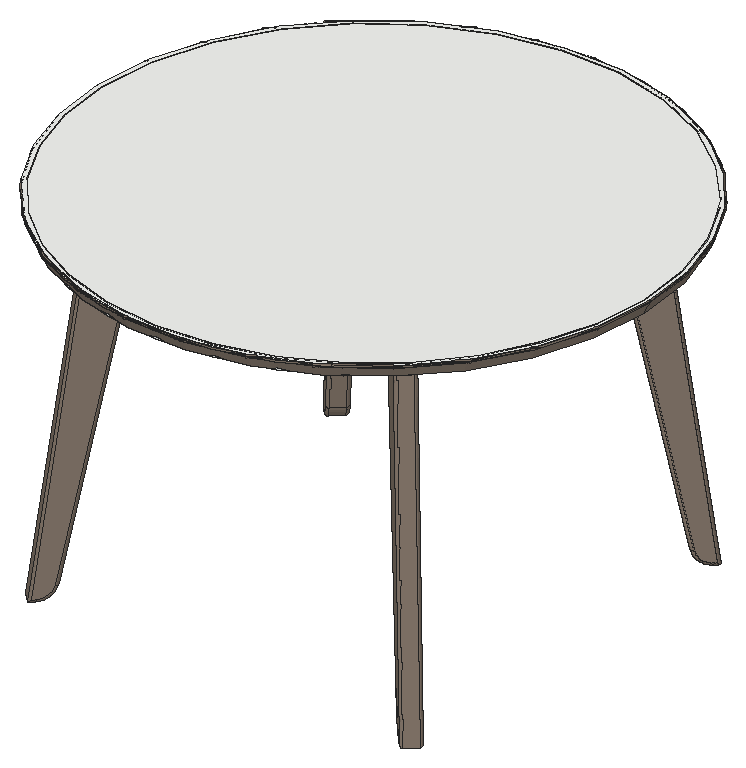
Revit family "Table-Casual-Naughtone-Dalby_Circular", category Furniture, Revit 2015
Parameters (values of type "1200mmx1200mmx750mm")
  _distributed by = "www.bimbox.co.uk"  # constant formula
  _current revision = "1"
  _created by = "BIMBox"  # constant formula
  _author = "BIMBox"  # constant formula
  _BIMspec_GUID = 0
  WarrantyStartDate [instance] = "<User Defined>"
  WarrantyGuarantorParts = "sales@naughtone.com"
  WarrantyGuarantorLabor = "sales@naughtone.com"
  WarrantyDurationUnit = "Years"
  WarrantyDurationParts = "5"
  WarrantyDurationLabor = "5"
  WarrantyDescription = "5 year warranty"
  Version = "1"
  Uniclass2015 = "40.50.21.22"
  URL = "http://www.naughtone.com/"
  TypeName = "Table-Casual-Naughtone-Dalby_Circular"
  Type Comments = "1200x1200x750"
  TopRadius [instance] = ((NominalWidth / 2) - (EdgeOffset))  # 590 mm
  TagNumber = "0.000000"
  SustainabilityPerformance = "89.64% reusable content"
  Size = "1200mmx1200mmx750mm"
  Shape = "Circular"
  SerialNumber = "0.000000"
  ReplacementCost = "0.00"
  ProductInformation = "http://www.naughtone.com/wp-content/uploads/2015/05/Dalby-Brochure-FISP-2015.pdf?49171d"
  Product URL = "http://www.naughtone.com/portfolio-view/dalby"
  Option [instance] = if(HasReverseChamfer, "MFMDF with reverse chamfer", if(HasBandEdge, "MFMDF edge banded", "n/a"))  # "MFMDF with reverse chamfer"
  NominalWidth = 1200 mm
  NominalLength = 1200 mm
  NominalHeight = 750 mm  # constant formula
  Name = "1200mmx1200mmx750mm, Dalby Circular Table"
  NBSReference = "40.50.21.22"
  NBSDescription = "n/a"
  Mtrl_Top [instance] = Laminate-White-Smooth
  Mtrl_Frame [instance] = Wood-Oak-Satin_Frame
  Mtrl_EdgeTop [instance] = Wood-Oak-Matte_Top
  ModelReference = "Dalby Circular Table"
  ModelNumber = "DAL-1200-DIA"
  Model = "DAL-1200-DIA"
  Material = "MFMDF Top; Solid Oak Legs"
  ManufacturerAddressUK = "201 Pannal Business Park, Station Road, Harrogate, HG3 1JL"  # constant formula
  Manufacturer = "Naughtone"  # constant formula
  Keynote = "40.50.21.22"
  InstallationDate [instance] = "<User Defined>"
  HasReverseChamfer [instance] = yes
  HasBandEdge [instance] = not(HasReverseChamfer)  # no
  Grade = "n/a"
  Finish = "Polyster powder coat; various top finishes available"
  Features = "n/a"
  ExpectedLife = "15-20"
  EdgeOffset [instance] = if(HasReverseChamfer, 10 mm, 5 mm)  # 10 mm
  DurationUnit = "Years"
  Description = "Dalby Circular Table"
  CreatedOn = "2015.07.15"
  CreatedBy = "Naughtone"  # constant formula
  Cost = 0
  ContactTelephoneNumber = "+44 (0) 1423 816500"
  ContactEmailAddress = "sales@naughtone.com"
  Constituents = "Wood Top; Solid Oak frame"
  ComponentDescription = "The Dalby table will inject warmth and quality into an interior without raising any eyebrows. Dalby provides a practical, robust surface and maximised leg positions for clear, useable access all round the table."
  Color = "White"
  CodePerformance = "FISP Certified; ISO14001 Certified"
  Category = "40.50.21.22 : Dining Tables"
  BarCode = "0.000000"
  BIMObjectName = "Table-Casual-Naughtone-Dalby_Circular"
  AssetType = "Movable"
  AssetIdentifier = "DAL-1200-DIA"
  Assembly Code = "E2020"
  AdditionalMaterials = "Additional material and finish options available. Please contact Naughtone direct for further information."
  AccessibilityPerformance = "n/a"
Types (4, lengths in mm): name | Type Comments | TopRadius | Size | NominalWidth | NominalLength | Name | ModelNumber | Model | AssetIdentifier
  (no name) | "1200x1200x750" | 590 | "1200mmx1200mmx750mm" | 1200 | 1200 | "1200mmx1200mmx750mm, Dalby Circular Table" | "DAL-1200-DIA" | "DAL-1200-DIA" | "DAL-1200-DIA"
  1600mmx1600mmx750mm | "1600x1600x750" | 790 | "1600mmx1600mmx750mm" | 1600 | 1600 | "1600mmx1600mmx750mm, Dalby Circular Table" | "DAL-1600-DIA" | "DAL-1600-DIA" | "DAL-1600-DIA"
  1200mmx1200mmx750mm | "1200x1200x750" | 590 | "1200mmx1200mmx750mm" | 1200 | 1200 | "1200mmx1200mmx750mm, Dalby Circular Table" | "DAL-1200-DIA" | "DAL-1200-DIA" | "DAL-1200-DIA"
  1400mmx1400mmx750mm | "1400x1400x750" | 690 | "1400mmx1400mmx750mm" | 1400 | 1400 | "1400mmx1400mmx750mm, Dalby Circular Table" | "DAL-1400-DIA" | "DAL-1400-DIA" | "DAL-1400-DIA"
Reference planes
  plane 1 "Center (Front/Back)": y = 0
  plane 2: z = 0
  plane 3 "Center (Left/Right)": x = 0
  plane 4 "Left": x = -600
  plane 5 "Right": x = 600
  plane 6 "Rear": y = 600
  plane 7 "Front": y = -600
  plane 8 "Top": z = 750
  plane 9: x = -590
  plane 10: y = -590
  plane 11: y = 590
  plane 12: x = 590
  plane 13 "EdgeProfile": z = 725
  plane 14: y = -595
Forms (mm)
  Sweep 1, solid, material "Wood-Oak-Matte_Top" <- "Mtrl_EdgeTop", visible <- "HasReverseChamfer"
    path origin (0, 0, 725) x (-1, 0, 0) y (0, -1, 0)
      loop
        circle (0, 0) r 590
    profile origin (0, -590, 725) x (0, 1, 0) y (0, 0, 1)
      loop
        line (0, 25) -> (-9.5, 25)
        arc (-9.5, 25) -> (-9.854, 24.854) -> (-10, 24.5) r 0.5
        line (-10, 24.5) -> (-10, 21.379)
        arc (-10, 21.379) -> (-9.925, 20.513) -> (-9.701, 19.674) r 5
        line (-9.701, 19.674) -> (-1.167, 0) -> (0, 0) -> (0, 25)
  Sweep 2, solid, material "Wood-Oak-Matte_Top" <- "Mtrl_EdgeTop", visible <- "HasBandEdge"
    path origin (0, 0, 725) x (-1, 0, 0) y (0, -1, 0)
      loop
        circle (0, 0) r 590
    profile origin (0, -590, 725) x (0, 1, 0) y (0, 0, 1)
      loop
        line (-5, 20) -> (-5, 5)
        arc (-5, 5) -> (-3.536, 1.464) -> (0, 0) r 5
        line (0, 0) -> (0, 25)
        arc (0, 25) -> (-3.536, 23.536) -> (-5, 20) r 5
  Extrusion 3, solid, material "Laminate-White-Smooth" <- "Mtrl_Top"
    sketch origin (0, 0, 725) x (-1, 0, 0) y (0, -1, 0)
      loop
        circle (0, 0) r 590
    from 0 to 25
Dimensions and locks
  equal spacing: plane 4 "Left", plane 3 "Center (Left/Right)", plane 5 "Right"
  "NominalWidth": plane 4 "Left" to plane 5 "Right"
  equal spacing: plane 6 "Rear", plane 1 "Center (Front/Back)", plane 7 "Front"
  "NominalLength": plane 6 "Rear" to plane 7 "Front"
  "NominalHeight": plane 8 "Top" to level
  "EdgeOffset": plane 4 "Left" to plane 9
  "EdgeOffset": plane 12 to plane 5 "Right"
  "EdgeOffset": plane 6 "Rear" to plane 11
  "EdgeOffset": plane 10 to plane 7 "Front"
  locked: plane 8 "Top" to plane 13 "EdgeProfile" at 25
  locked: plane 14 to plane 10 at 5
  "TopRadius": radius of Extrusion 3 sketch curve
  "TopRadius": radius of Sweep 2 sketch curve
  "TopRadius": radius of Sweep 1 sketch curve
  aligned and locked: level to plane 2
  aligned and locked: plane 8 "Top" to Sweep 1 sketch curve
  aligned and locked: plane 13 "EdgeProfile" to Sweep 1 sketch curve
  aligned and locked: plane 10 to Sweep 2 sketch curve
  aligned and locked: Sweep 2 sketch curve to plane 14
  aligned and locked: plane 8 "Top" to Extrusion 3
  aligned and locked: Extrusion 3 to plane 13 "EdgeProfile"
  aligned and locked: plane 3 "Center (Left/Right)" to nested 1
  aligned and locked: plane 1 "Center (Front/Back)" to nested 1
  aligned and locked: plane 3 "Center (Left/Right)" to Extrusion 3 sketch curve
  aligned and locked: plane 1 "Center (Front/Back)" to Extrusion 3 sketch curve
  aligned and locked: plane 3 "Center (Left/Right)" to Sweep 2 sketch curve
  aligned and locked: plane 1 "Center (Front/Back)" to Sweep 2 sketch curve
  aligned and locked: plane 3 "Center (Left/Right)" to Sweep 1 sketch curve
  aligned and locked: plane 1 "Center (Front/Back)" to Sweep 1 sketch curve
Automatic sketch dimensions
  Sweep 2 sketch curve to profile plane = 0 mm
  Sweep 2 sketch curve to plane 13 "EdgeProfile" = 0 mm
  Sweep 2 sketch curve to Sweep 2 sketch curve = 15 mm
  Sweep 2 sketch curve to Sweep 2 sketch curve = 0 mm
  Sweep 1 sketch curve to Sweep 1 sketch curve = 0.299 mm
  Sweep 1 sketch curve to Sweep 1 sketch curve = 0.5 mm
  Sweep 1 sketch curve to Sweep 1 sketch curve = 5 mm
  Sweep 1 sketch curve to Sweep 1 sketch curve = 4.826 mm
  profile plane to Sweep 1 sketch curve = 1.167 mm
  Sweep 1 sketch curve to profile plane = 0 mm
  profile plane to Sweep 1 sketch curve = 5 mm
Nested families
  nested 1: "Nested-Frame-Naughtone-Dalby_Circular" at (0, 0, 0), Mtrl_Frame <- "Mtrl_Frame", NominalLength <- "NominalLength", NominalWidth <- "NominalWidth", type "Dalby Frame"
    with NominalWidth 1200 mm, NominalLength 1200 mm, Mtrl_Frame Wood-Oak-Satin_Frame, FrameWidth 908 mm, FrameLength 908 mm
Definition of nested family "Nested-Frame-Naughtone-Dalby_Circular"
  Parameters (values of type "Dalby Frame")
    _distributed by = "www.bimbox.co.uk"  # constant formula
    _current revision = "1"
    _created by = "BIMBox"  # constant formula
    _author = "BIMBox"  # constant formula
    URL = "http://www.naughtone.com/"
    Type Comments = ""
    NominalWidth [instance] = 1600 mm
    NominalLength [instance] = NominalWidth  # 1600 mm
    NominalHeight = 750 mm  # constant formula
    Mtrl_Frame [instance] = none
    Model = "Dalby Frame"
    ManufacturerAddressUK = "201 Pannal Business Park, Station Road, Harrogate, HG3 1JL"  # constant formula
    Manufacturer = "Naughtone"  # constant formula
    Keynote = ""
    FrameWidth [instance] = if(NominalWidth = 1600 mm, NominalWidth - 406 mm, if(NominalWidth = 1400 mm, NominalWidth - 342 mm, if(NominalWidth = 1200 mm, NominalWidth - 292 mm, NominalWidth)))  # 1194 mm
    FrameLength [instance] = if(NominalLength = 1600 mm, NominalLength - 406 mm, if(NominalLength = 1400 mm, NominalLength - 342 mm, if(NominalLength = 1200 mm, NominalLength - 292 mm, NominalLength)))  # 1194 mm
    Description = "Dalby Frame"
    Cost = 0
    ContactTelephoneNumber = "+44 (0) 1423 816500"
    ContactEmailAddress = "sales@naughtone.com"
    Assembly Code = "E2020"
  Reference planes
    plane 1 "Center (Front/Back)": y = 0
    plane 2: z = 0
    plane 3 "Center (Left/Right)": x = 0
    plane 4 "Left": x = -597
    plane 5 "Right": x = 597
    plane 6 "Rear": y = 597
    plane 7 "Front": y = -597
    plane 8 "Top": z = 750
    plane 9 "EdgeProfile": z = 725
    plane 10: z = 650
    plane 11: y = -547
    plane 12: x = 575
    plane 13: x = 547
    plane 14: y = -575
    plane 15: x = 422
    plane 16: y = -394
    plane 17: x = 394
    plane 18: y = -422
    plane 19: x = 408
    plane 20: y = -408
    plane 21: x = 561
    plane 22: y = -561
    plane 23: through (644, -172, 1200) normal (-0.7071, 0.7071, 0)
    plane 24: through (797, -325, 1200) normal (-0.7071, 0.7071, 0)
    plane 25: through (635.223, -336.272, 725) normal (-0.7071, 0.7071, 0)
    plane 26: z = 655.321
    plane 27: through (569.329, -270.378, 649.22) normal (-0.7071, 0.7071, 0)
    plane 28: z = 649.22
    plane 29: z = 612.454
    plane 30: through (591.845, -292.895, 612.454) normal (-0.7071, 0.7071, 0)
    plane 31: z = 602.235
    plane 32: through (557.236, -258.286, 602.235) normal (-0.7071, 0.7071, 0)
    plane 33: z = 32.847
    plane 34: through (677.418, -378.467, 32.847) normal (-0.7071, 0.7071, 0)
    plane 35: z = 5
    plane 36: through (701.644, -402.694, 5) normal (-0.7071, 0.7071, 0)
    plane 37: through (706.411, -407.46, 5) normal (-0.7071, 0.7071, 0)
    plane 38: z = 40
    plane 39: z = 655.321
    plane 40: through (554.647, -255.696, 730) normal (0.7071, -0.7071, 0)
    plane 41: z = 727
    plane 42: through (640.798, -341.847, 728.911) normal (0.7071, -0.7071, 0)
    plane 43: y = 547
    plane 44: x = 575
    plane 45: x = 547
    plane 46: y = 575
    plane 47: x = 422
    plane 48: y = 394
    plane 49: x = 394
    plane 50: y = 422
    plane 51: x = 408
    plane 52: y = 408
    plane 53: x = 561
    plane 54: y = 561
    plane 55: through (644, 172, 1200) normal (0.7071, 0.7071, 0)
    plane 56: through (797, 325, 1200) normal (0.7071, 0.7071, 0)
    plane 57: through (635.223, 336.272, 725) normal (0.7071, 0.7071, 0)
    plane 58: through (569.329, 270.378, 649.22) normal (0.7071, 0.7071, 0)
    plane 59: through (591.845, 292.895, 612.454) normal (0.7071, 0.7071, 0)
    plane 60: through (557.236, 258.286, 602.235) normal (0.7071, 0.7071, 0)
    plane 61: through (677.418, 378.467, 32.847) normal (0.7071, 0.7071, 0)
    plane 62: through (701.644, 402.694, 5) normal (0.7071, 0.7071, 0)
    plane 63: through (706.411, 407.46, 5) normal (0.7071, 0.7071, 0)
    plane 64: z = 655.321
    plane 65: through (554.647, 255.696, 730) normal (-0.7071, -0.7071, 0)
    plane 66: z = 727
    plane 67: through (640.798, 341.847, 728.911) normal (-0.7071, -0.7071, 0)
    plane 68: y = 547
    plane 69: x = -575
    plane 70: x = -547
    plane 71: y = 575
    plane 72: x = -422
    plane 73: y = 394
    plane 74: x = -394
    plane 75: y = 422
    plane 76: x = -408
    plane 77: y = 408
    plane 78: x = -561
    plane 79: y = 561
    plane 80: through (-644, 172, 1200) normal (0.7071, -0.7071, 0)
    plane 81: through (-797, 325, 1200) normal (0.7071, -0.7071, 0)
    plane 82: through (-635.223, 336.272, 725) normal (0.7071, -0.7071, 0)
    plane 83: through (-569.329, 270.378, 649.22) normal (0.7071, -0.7071, 0)
    plane 84: through (-591.845, 292.895, 612.454) normal (0.7071, -0.7071, 0)
    plane 85: through (-557.236, 258.286, 602.235) normal (0.7071, -0.7071, 0)
    plane 86: through (-677.418, 378.467, 32.847) normal (0.7071, -0.7071, 0)
    plane 87: through (-701.644, 402.694, 5) normal (0.7071, -0.7071, 0)
    plane 88: through (-706.411, 407.46, 5) normal (0.7071, -0.7071, 0)
    plane 89: through (-554.647, 255.696, 730) normal (-0.7071, 0.7071, 0)
    plane 90: z = 727
    plane 91: through (-640.798, 341.847, 728.911) normal (-0.7071, 0.7071, 0)
    plane 92: y = -547
    plane 93: x = -575
    plane 94: x = -547
    plane 95: y = -575
    plane 96: x = -422
    plane 97: y = -394
    plane 98: x = -394
    plane 99: y = -422
    plane 100: x = -408
    plane 101: y = -408
    plane 102: x = -561
    plane 103: y = -561
    plane 104: through (-644, -172, 1200) normal (-0.7071, -0.7071, 0)
    plane 105: through (-797, -325, 1200) normal (-0.7071, -0.7071, 0)
    plane 106: through (-635.223, -336.272, 725) normal (-0.7071, -0.7071, 0)
    plane 107: through (-569.329, -270.378, 649.22) normal (-0.7071, -0.7071, 0)
    plane 108: through (-591.845, -292.895, 612.454) normal (-0.7071, -0.7071, 0)
    plane 109: through (-557.236, -258.286, 602.235) normal (-0.7071, -0.7071, 0)
    plane 110: through (-677.418, -378.467, 32.847) normal (-0.7071, -0.7071, 0)
    plane 111: through (-701.644, -402.694, 5) normal (-0.7071, -0.7071, 0)
    plane 112: through (-706.411, -407.46, 5) normal (-0.7071, -0.7071, 0)
    plane 113: through (-554.647, -255.696, 730) normal (0.7071, 0.7071, 0)
    plane 114: z = 727
    plane 115: through (-640.798, -341.847, 728.911) normal (0.7071, 0.7071, 0)
    plane 116: z = 655.321
    plane 117: z = 649.22
    plane 118: z = 612.454
    plane 119: z = 602.235
    plane 120: z = 32.847
    plane 121: z = 5
    plane 122: z = 40
    plane 123: x = 462
    plane 124: y = 440.671
    plane 125: y = -440.671
    plane 126: y = 462
    plane 127: x = -462
    plane 128: y = -462
  Forms (mm)
    Sweep 1, solid, material <- "Mtrl_Frame"
      path origin (408, -408, 0) x (0.707107, -0.707107, 0) y (0, 0, 1)
        loop
          line (109.951, 725) -> (210.627, 5) -> (203.886, 5)
          arc (203.886, 5) -> (181.81, 12.84) -> (169.624, 32.847) r 35
          line (169.624, 32.847) -> (48.607, 612.454)
          arc (48.607, 612.454) -> (37.457, 634.97) -> (16.763, 649.22) r 50
          line (16.763, 649.22) -> (0, 655.321)
      profile origin (554.552, -554.552, 5) x (0, 0, -1) y (-0.707107, -0.707107, 0)
        loop
          line (5, -15) -> (5, 15)
          arc (5, 15) -> (3.536, 18.536) -> (0, 20) r 5
          line (0, 20) -> (0, -20)
          arc (0, -20) -> (3.536, -18.536) -> (5, -15) r 5
    Extrusion 2, solid, material <- "Mtrl_Frame"
      sketch origin (408, -408, 0) x (0.707107, -0.707107, 0) y (0, 0, 1)
        loop
          line (48.607, 612.454) -> (169.624, 32.847)
          arc (169.624, 32.847) -> (181.81, 12.84) -> (203.886, 5) r 35
          line (203.886, 5) -> (210.627, 5) -> (109.951, 725) -> (0, 725) -> (0, 655.321) -> (16.763, 649.22)
          arc (16.763, 649.22) -> (37.457, 634.97) -> (48.607, 612.454) r 50
      from -20 to 20
    Extrusion 3, void
      sketch origin (408, -408, 0) x (0.707107, -0.707107, 0) y (0, 0, 1)
        loop
          line (-4, 727) -> (-4, 650) -> (0, 650) -> (0, 725) -> (117.836, 725) -> (117.836, 727) -> (-4, 727)
      from -20 to 20
    Sweep 4, solid, material <- "Mtrl_Frame"
      path origin (408, 408, 0) x (0.707107, 0.707107, 0) y (0, 0, 1)
        loop
          line (109.951, 725) -> (210.627, 5) -> (203.886, 5)
          arc (203.886, 5) -> (181.81, 12.84) -> (169.624, 32.847) r 35
          line (169.624, 32.847) -> (48.607, 612.454)
          arc (48.607, 612.454) -> (37.457, 634.97) -> (16.763, 649.22) r 50
          line (16.763, 649.22) -> (0, 655.321)
      profile origin (554.552, 554.552, 5) x (0, 0, -1) y (0.707107, -0.707107, 0)
        loop
          arc (5, 15) -> (3.536, 18.536) -> (0, 20) r 5
          line (0, 20) -> (0, -20)
          arc (0, -20) -> (3.536, -18.536) -> (5, -15) r 5
          line (5, -15) -> (5, 15)
    Extrusion 5, solid, material <- "Mtrl_Frame"
      sketch origin (408, 408, 0) x (0.707107, 0.707107, 0) y (0, 0, 1)
        loop
          line (48.607, 612.454) -> (169.624, 32.847)
          arc (169.624, 32.847) -> (181.81, 12.84) -> (203.886, 5) r 35
          line (203.886, 5) -> (210.627, 5) -> (109.951, 725) -> (0, 725) -> (0, 655.321) -> (16.763, 649.22)
          arc (16.763, 649.22) -> (37.457, 634.97) -> (48.607, 612.454) r 50
      from 20 to -20
    Extrusion 6, void
      sketch origin (408, 408, 0) x (0.707107, 0.707107, 0) y (0, 0, 1)
        loop
          line (-4, 727) -> (-4, 650) -> (0, 650) -> (0, 725) -> (117.836, 725) -> (117.836, 727) -> (-4, 727)
      from -20 to 20
    Sweep 7, solid, material <- "Mtrl_Frame"
      path origin (-408, 408, 0) x (-0.707107, 0.707107, 0) y (0, 0, 1)
        loop
          line (109.951, 725) -> (210.627, 5) -> (203.886, 5)
          arc (203.886, 5) -> (181.81, 12.84) -> (169.624, 32.847) r 35
          line (169.624, 32.847) -> (48.607, 612.454)
          arc (48.607, 612.454) -> (37.457, 634.97) -> (16.763, 649.22) r 50
          line (16.763, 649.22) -> (0, 655.321)
      profile origin (-554.552, 554.552, 5) x (0, 0, -1) y (0.707107, 0.707107, 0)
        loop
          line (5, -15) -> (5, 15)
          arc (5, 15) -> (3.536, 18.536) -> (0, 20) r 5
          line (0, 20) -> (0, -20)
          arc (0, -20) -> (3.536, -18.536) -> (5, -15) r 5
    Extrusion 8, void
      sketch origin (-408, 408, 0) x (-0.707107, 0.707107, 0) y (0, 0, 1)
        loop
          line (-4, 727) -> (-4, 650) -> (0, 650) -> (0, 725) -> (117.836, 725) -> (117.836, 727) -> (-4, 727)
      from -20 to 20
    Sweep 9, solid, material <- "Mtrl_Frame"
      path origin (-408, -408, 0) x (-0.707107, -0.707107, 0) y (0, 0, 1)
        loop
          line (109.951, 725) -> (210.627, 5) -> (203.886, 5)
          arc (203.886, 5) -> (181.81, 12.84) -> (169.624, 32.847) r 35
          line (169.624, 32.847) -> (48.607, 612.454)
          arc (48.607, 612.454) -> (37.457, 634.97) -> (16.763, 649.22) r 50
          line (16.763, 649.22) -> (0, 655.321)
      profile origin (-554.552, -554.552, 5) x (0, 0, -1) y (-0.707107, 0.707107, 0)
        loop
          arc (5, 15) -> (3.536, 18.536) -> (0, 20) r 5
          line (0, 20) -> (0, -20)
          arc (0, -20) -> (3.536, -18.536) -> (5, -15) r 5
          line (5, -15) -> (5, 15)
    Extrusion 10, void
      sketch origin (-408, -408, 0) x (-0.707107, -0.707107, 0) y (0, 0, 1)
        loop
          line (-4, 727) -> (-4, 650) -> (0, 650) -> (0, 725) -> (117.836, 725) -> (117.836, 727) -> (-4, 727)
      from -20 to 20
    Extrusion 11, solid, material <- "Mtrl_Frame"
      sketch origin (-408, -408, 0) x (-0.707107, -0.707107, 0) y (0, 0, 1)
        loop
          line (109.951, 725) -> (0, 725) -> (0, 655.321) -> (16.763, 649.22)
          arc (16.763, 649.22) -> (37.457, 634.97) -> (48.607, 612.454) r 50
          line (48.607, 612.454) -> (169.624, 32.847)
          arc (169.624, 32.847) -> (181.81, 12.84) -> (203.886, 5) r 35
          line (203.886, 5) -> (210.627, 5) -> (109.951, 725)
      from -20 to 20
    Extrusion 12, solid, material <- "Mtrl_Frame"
      sketch origin (-408, 408, 0) x (-0.707107, 0.707107, 0) y (0, 0, 1)
        loop
          line (0, 725) -> (0, 655.321) -> (16.763, 649.22)
          arc (16.763, 649.22) -> (37.457, 634.97) -> (48.607, 612.454) r 50
          line (48.607, 612.454) -> (169.624, 32.847)
          arc (169.624, 32.847) -> (181.81, 12.84) -> (203.886, 5) r 35
          line (203.886, 5) -> (210.627, 5) -> (109.951, 725) -> (0, 725)
      from -20 to 20
    Extrusion 13, solid, material <- "Mtrl_Frame"
      sketch origin (0, 0, 0) x (1, 0, 0) y (0, 1, 0)
        loop
          line (422, 393.716) -> (422, -393.716) -> (462, -433.716) -> (462, 433.716) -> (422, 393.716)
      from 650 to 725
    Extrusion 14, solid, material <- "Mtrl_Frame"
      sketch origin (0, 0, 0) x (1, 0, 0) y (0, 1, 0)
        loop
          line (433.716, 462) -> (-433.716, 462) -> (-393.716, 422) -> (393.716, 422) -> (433.716, 462)
      from 649.22 to 725
    Extrusion 15, solid, material <- "Mtrl_Frame"
      sketch origin (0, 0, 0) x (1, 0, 0) y (0, 1, 0)
        loop
          line (-462, 433.716) -> (-462, -433.716) -> (-422, -393.716) -> (-422, 393.716) -> (-462, 433.716)
      from 649.22 to 725
    Extrusion 16, solid, material <- "Mtrl_Frame"
      sketch origin (0, 0, 0) x (1, 0, 0) y (0, 1, 0)
        loop
          line (433.716, -462) -> (393.716, -422) -> (-393.716, -422) -> (-433.716, -462) -> (433.716, -462)
      from 649.22 to 725
  Cuts and joins
    Extrusion 3, Extrusion 6, Extrusion 10 cuts Sweep 1
    Extrusion 6, Extrusion 10 cuts Extrusion 2
    joined: Sweep 1, Extrusion 2
    Extrusion 6, Extrusion 8 cuts Sweep 4
    Extrusion 6, Extrusion 8 cuts Extrusion 5
    joined: Sweep 4, Extrusion 5
    Extrusion 8 cuts Sweep 7
    joined: Sweep 7, Extrusion 12
    Extrusion 10 cuts Sweep 9
    joined: Sweep 9, Extrusion 11
  Lines and regions (mm)
    reference lines
      curve 1: line (408, -408, 0) -> (561, -561, 0)
      curve 2: line (408, 408, 0) -> (561, 561, 0)
      curve 3: line (-408, 408, 0) -> (-561, 561, 0)
      curve 4: line (-408, -408, 0) -> (-561, -561, 0)
  Dimensions and locks
    equal spacing: plane 4 "Left", plane 3 "Center (Left/Right)", plane 5 "Right"
    "FrameWidth": plane 4 "Left" to plane 5 "Right"
    equal spacing: plane 6 "Rear", plane 1 "Center (Front/Back)", plane 7 "Front"
    "FrameLength": plane 6 "Rear" to plane 7 "Front"
    "NominalHeight": plane 8 "Top" to level
    locked: plane 8 "Top" to plane 9 "EdgeProfile" at 25
    locked: plane 9 "EdgeProfile" to plane 10 at 75
    locked: plane 12 to plane 5 "Right" at 22
    locked: plane 11 to plane 7 "Front" at 50
    locked: plane 14 to plane 7 "Front" at 22
    locked: plane 13 to plane 5 "Right" at 50
    locked: plane 16 to plane 7 "Front" at 203
    locked: plane 15 to plane 5 "Right" at 175
    locked: plane 18 to plane 7 "Front" at 175
    locked: plane 17 to plane 5 "Right" at 203
    locked: plane 20 to plane 7 "Front" at 189
    locked: plane 19 to plane 5 "Right" at 189
    locked: plane 22 to plane 7 "Front" at 36
    locked: plane 21 to plane 5 "Right" at 36
    locked: plane 23 to plane 25 at 109.951
    locked: plane 26 to plane 10 at 5.321
    locked: plane 10 to plane 28 at 0.78
    locked: plane 23 to plane 27 at 16.763
    locked: plane 23 to plane 30 at 48.607
    locked: plane 10 to plane 29 at 37.546
    locked: plane 10 to plane 31 at 47.765
    locked: plane 32 to plane 23 at 0.338
    locked: plane 37 to plane 24 at 5.748
    locked: plane 34 to plane 24 at 46.75
    locked: plane 36 to plane 24 at 12.489
    locked: plane 35 to level at 5
    locked: plane 33 to level at 32.847
    locked: plane 38 to level at 40
    locked: plane 39 to plane 10 at 5.321
    locked: plane 40 to plane 23 at 4
    locked: plane 41 to plane 9 "EdgeProfile" at 2
    locked: plane 25 to plane 42 at 7.885
    locked: plane 44 to plane 5 "Right" at 22
    locked: plane 43 to plane 6 "Rear" at 50
    locked: plane 46 to plane 6 "Rear" at 22
    locked: plane 45 to plane 5 "Right" at 50
    locked: plane 48 to plane 6 "Rear" at 203
    locked: plane 47 to plane 5 "Right" at 175
    locked: plane 50 to plane 6 "Rear" at 175
    locked: plane 49 to plane 5 "Right" at 203
    locked: plane 52 to plane 6 "Rear" at 189
    locked: plane 51 to plane 5 "Right" at 189
    locked: plane 54 to plane 6 "Rear" at 36
    locked: plane 53 to plane 5 "Right" at 36
    locked: plane 55 to plane 57 at 109.951
    locked: plane 55 to plane 58 at 16.763
    locked: plane 55 to plane 59 at 48.607
    locked: plane 60 to plane 55 at 0.338
    locked: plane 63 to plane 56 at 5.748
    locked: plane 61 to plane 56 at 46.75
    locked: plane 62 to plane 56 at 12.489
    locked: plane 65 to plane 55 at 4
    locked: plane 57 to plane 67 at 7.885
    locked: plane 69 to plane 4 "Left" at 22
    locked: plane 68 to plane 6 "Rear" at 50
    locked: plane 71 to plane 6 "Rear" at 22
    locked: plane 70 to plane 4 "Left" at 50
    locked: plane 73 to plane 6 "Rear" at 203
    locked: plane 72 to plane 4 "Left" at 175
    locked: plane 75 to plane 6 "Rear" at 175
    locked: plane 74 to plane 4 "Left" at 203
    locked: plane 77 to plane 6 "Rear" at 189
    locked: plane 76 to plane 4 "Left" at 189
    locked: plane 79 to plane 6 "Rear" at 36
    locked: plane 78 to plane 4 "Left" at 36
    locked: plane 80 to plane 82 at 109.951
    locked: plane 80 to plane 83 at 16.763
    locked: plane 80 to plane 84 at 48.607
    locked: plane 85 to plane 80 at 0.338
    locked: plane 88 to plane 81 at 5.748
    locked: plane 86 to plane 81 at 46.75
    locked: plane 87 to plane 81 at 12.489
    locked: plane 89 to plane 80 at 4
    locked: plane 82 to plane 91 at 7.885
    locked: plane 66 to plane 9 "EdgeProfile" at 2
    locked: plane 93 to plane 4 "Left" at 22
    locked: plane 92 to plane 7 "Front" at 50
    locked: plane 95 to plane 7 "Front" at 22
    locked: plane 94 to plane 4 "Left" at 50
    locked: plane 97 to plane 7 "Front" at 203
    locked: plane 96 to plane 4 "Left" at 175
    locked: plane 99 to plane 7 "Front" at 175
    locked: plane 98 to plane 4 "Left" at 203
    locked: plane 101 to plane 7 "Front" at 189
    locked: plane 100 to plane 4 "Left" at 189
    locked: plane 103 to plane 7 "Front" at 36
    locked: plane 102 to plane 4 "Left" at 36
    locked: plane 104 to plane 106 at 109.951
    locked: plane 104 to plane 107 at 16.763
    locked: plane 104 to plane 108 at 48.607
    locked: plane 109 to plane 104 at 0.338
    locked: plane 112 to plane 105 at 5.748
    locked: plane 110 to plane 105 at 46.75
    locked: plane 111 to plane 105 at 12.489
    locked: plane 113 to plane 104 at 4
    locked: plane 106 to plane 115 at 7.885
    locked: plane 116 to plane 10 at 5.321
    locked: plane 10 to plane 117 at 0.78
    locked: plane 10 to plane 118 at 37.546
    locked: plane 10 to plane 119 at 47.765
    locked: plane 121 to level at 5
    locked: plane 120 to level at 32.847
    locked: plane 122 to level at 40
    locked: plane 114 to plane 9 "EdgeProfile" at 2
    locked: plane 90 to plane 9 "EdgeProfile" at 2
    locked: plane 15 to plane 123 at 40
    locked: plane 6 "Rear" to plane 124 at 156.329
    locked: plane 7 "Front" to plane 125 at 156.329
    locked: plane 50 to plane 126 at 40
    locked: plane 127 to plane 72 at 40
    locked: plane 128 to plane 18 at 40
    locked: plane 23 to plane 18 (angle 135.00°)
    locked: plane 22 to plane 24 (angle 45.00°)
    locked: plane 50 to plane 55 (angle 135.00°)
    locked: plane 56 to plane 54 (angle 45.00°)
    locked: plane 80 to plane 75 (angle 135.00°)
    locked: plane 79 to plane 81 (angle 45.00°)
    locked: plane 99 to plane 104 (angle 135.00°)
    locked: plane 105 to plane 103 (angle 45.00°)
    aligned and locked: level to plane 2
    aligned and locked: plane 21 to curve 1
    aligned and locked: plane 22 to curve 1
    aligned and locked: plane 20 to curve 1
    aligned and locked: plane 19 to curve 1
    aligned and locked: plane 35 to Sweep 1 sketch curve
    aligned and locked: plane 30 to Sweep 1 sketch curve
    aligned and locked: plane 29 to Sweep 1 sketch curve
    aligned and locked: plane 27 to Sweep 1 sketch curve
    aligned and locked: plane 28 to Sweep 1 sketch curve
    aligned and locked: plane 26 to Sweep 1 sketch curve
    aligned and locked: plane 23 to Sweep 1 sketch curve
    aligned and locked: Sweep 1 sketch curve to plane 33
    aligned and locked: plane 34 to Sweep 1 sketch curve
    aligned and locked: plane 9 "EdgeProfile" to Sweep 1 sketch curve
    aligned and locked: plane 25 to Sweep 1 sketch curve
    aligned and locked: plane 37 to Sweep 1 sketch curve
    aligned and locked: plane 31 to Sweep 1 sketch curve
    aligned and locked: plane 36 to Sweep 1 sketch curve
    aligned and locked: plane 38 to Sweep 1 sketch curve
    aligned and locked: Sweep 1 to Extrusion 2
    aligned and locked: Extrusion 2 to Sweep 1
    aligned and locked: Extrusion 2 sketch curve to Sweep 1  (x4)
    aligned and locked: Extrusion 2 sketch curve to plane 9 "EdgeProfile"
    aligned and locked: plane 39 to Extrusion 2 sketch curve
    aligned and locked: plane 23 to Extrusion 2 sketch curve
    aligned and locked: Extrusion 3 sketch curve to plane 40
    aligned and locked: plane 41 to Extrusion 3 sketch curve
    aligned and locked: plane 42 to Extrusion 3 sketch curve
    aligned and locked: Extrusion 3 sketch curve to plane 9 "EdgeProfile"
    aligned and locked: Extrusion 3 sketch curve to plane 23
    aligned and locked: Extrusion 3 sketch curve to plane 10
    aligned and locked: plane 53 to curve 2
    aligned and locked: plane 54 to curve 2
    aligned and locked: plane 52 to curve 2
    aligned and locked: plane 51 to curve 2
    aligned and locked: plane 59 to Sweep 4 sketch curve
    aligned and locked: plane 58 to Sweep 4 sketch curve
    aligned and locked: plane 55 to Sweep 4 sketch curve
    aligned and locked: plane 61 to Sweep 4 sketch curve
    aligned and locked: plane 57 to Sweep 4 sketch curve
    aligned and locked: plane 63 to Sweep 4 sketch curve
    aligned and locked: plane 62 to Sweep 4 sketch curve
    aligned and locked: Sweep 4 to Extrusion 5  (x2)
    aligned and locked: Extrusion 5 sketch curve to Sweep 4  (x4)
    aligned and locked: plane 55 to Extrusion 5 sketch curve
    aligned and locked: Extrusion 6 sketch curve to plane 65
    aligned and locked: plane 66 to Extrusion 6 sketch curve
    aligned and locked: plane 67 to Extrusion 6 sketch curve
    aligned and locked: Extrusion 6 sketch curve to plane 55
    aligned and locked: plane 78 to curve 3
    aligned and locked: plane 79 to curve 3
    aligned and locked: plane 77 to curve 3
    aligned and locked: plane 76 to curve 3
    aligned and locked: plane 84 to Sweep 7 sketch curve
    aligned and locked: plane 83 to Sweep 7 sketch curve
    aligned and locked: plane 80 to Sweep 7 sketch curve
    aligned and locked: plane 86 to Sweep 7 sketch curve
    aligned and locked: plane 82 to Sweep 7 sketch curve
    aligned and locked: plane 88 to Sweep 7 sketch curve
    aligned and locked: plane 87 to Sweep 7 sketch curve
    aligned and locked: Extrusion 8 sketch curve to plane 89
    aligned and locked: plane 90 to Extrusion 8 sketch curve
    aligned and locked: plane 91 to Extrusion 8 sketch curve
    aligned and locked: Extrusion 8 sketch curve to plane 80
    aligned and locked: plane 9 "EdgeProfile" to Sweep 4 sketch curve
    aligned and locked: plane 26 to Sweep 4 sketch curve
    aligned and locked: plane 31 to Sweep 4 sketch curve
    aligned and locked: plane 60 to Sweep 4 sketch curve
    aligned and locked: plane 29 to Sweep 4 sketch curve
    aligned and locked: plane 38 to Sweep 4 sketch curve
    aligned and locked: plane 33 to Sweep 4 sketch curve
    aligned and locked: Sweep 4 sketch curve to plane 35
    aligned and locked: plane 9 "EdgeProfile" to Extrusion 5 sketch curve
    aligned and locked: plane 26 to Extrusion 5 sketch curve
    aligned and locked: plane 10 to Extrusion 6 sketch curve
    aligned and locked: plane 9 "EdgeProfile" to Extrusion 6 sketch curve
    aligned and locked: plane 102 to curve 4
    aligned and locked: plane 103 to curve 4
    aligned and locked: plane 101 to curve 4
    aligned and locked: plane 100 to curve 4
    aligned and locked: plane 108 to Sweep 9 sketch curve
    aligned and locked: plane 107 to Sweep 9 sketch curve
    aligned and locked: plane 104 to Sweep 9 sketch curve
    aligned and locked: plane 110 to Sweep 9 sketch curve
    aligned and locked: plane 106 to Sweep 9 sketch curve
    aligned and locked: plane 112 to Sweep 9 sketch curve
    aligned and locked: plane 111 to Sweep 9 sketch curve
    aligned and locked: Extrusion 10 sketch curve to plane 113
    aligned and locked: plane 114 to Extrusion 10 sketch curve
    aligned and locked: plane 115 to Extrusion 10 sketch curve
    aligned and locked: Extrusion 10 sketch curve to plane 104
    aligned and locked: plane 9 "EdgeProfile" to Sweep 9 sketch curve
    aligned and locked: Sweep 9 sketch curve to plane 116
    aligned and locked: Sweep 9 sketch curve to plane 119
    aligned and locked: plane 109 to Sweep 9 sketch curve
    aligned and locked: Sweep 9 sketch curve to plane 118
    aligned and locked: Sweep 9 sketch curve to plane 122
    aligned and locked: plane 120 to Sweep 9 sketch curve
    aligned and locked: Sweep 9 sketch curve to plane 121
    aligned and locked: Extrusion 11 sketch curve to cut or joined group of Sweep 9, Extrusion 10, Extrusion 11  (x4)
    aligned and locked: plane 9 "EdgeProfile" to Extrusion 11 sketch curve
    aligned and locked: Extrusion 11 sketch curve to plane 104
    aligned and locked: Extrusion 11 sketch curve to plane 116
    aligned and locked: plane 9 "EdgeProfile" to Extrusion 10 sketch curve
    aligned and locked: plane 10 to Extrusion 10 sketch curve
    aligned and locked: plane 9 "EdgeProfile" to Sweep 7 sketch curve
    aligned and locked: plane 116 to Sweep 7 sketch curve
    aligned and locked: plane 117 to Sweep 7 sketch curve
    aligned and locked: plane 85 to Sweep 7 sketch curve
    aligned and locked: plane 118 to Sweep 7 sketch curve
    aligned and locked: plane 122 to Sweep 7 sketch curve
    aligned and locked: plane 120 to Sweep 7 sketch curve
    aligned and locked: plane 121 to Sweep 7 sketch curve
    aligned and locked: Extrusion 12 sketch curve to plane 9 "EdgeProfile"
    aligned and locked: Extrusion 12 sketch curve to plane 80
    aligned and locked: Extrusion 12 sketch curve to cut or joined group of Sweep 7, Extrusion 8, Extrusion 12  (x4)
    aligned and locked: plane 116 to Extrusion 12 sketch curve
    aligned and locked: Extrusion 8 sketch curve to plane 9 "EdgeProfile"
    aligned and locked: Extrusion 8 sketch curve to plane 10
    aligned and locked: Extrusion 13 sketch curve to cut or joined group of Sweep 4, Extrusion 5, Extrusion 6, Extrusion 8
    aligned and locked: Extrusion 13 sketch curve to plane 123
    aligned and locked: cut or joined group of Sweep 1, Extrusion 2, Extrusion 3, Extrusion 6, Extrusion 10 to Extrusion 13 sketch curve
    aligned and locked: plane 9 "EdgeProfile" to Extrusion 13
    aligned and locked: Extrusion 13 to plane 10
    aligned and locked: Extrusion 13 sketch curve to plane 15
    aligned and locked: cut or joined group of Sweep 4, Extrusion 5, Extrusion 6, Extrusion 8 to Extrusion 14 sketch curve
    aligned and locked: Extrusion 14 sketch curve to Extrusion 12
    aligned and locked: plane 9 "EdgeProfile" to Extrusion 14
    aligned and locked: Extrusion 14 to plane 28
    aligned and locked: Extrusion 15 sketch curve to plane 127
    aligned and locked: Extrusion 15 sketch curve to plane 72
    aligned and locked: Extrusion 12 to Extrusion 15 sketch curve
    aligned and locked: Extrusion 15 sketch curve to cut or joined group of Sweep 9, Extrusion 10, Extrusion 11
    aligned and locked: plane 9 "EdgeProfile" to Extrusion 15
    aligned and locked: Extrusion 15 to plane 28
    aligned and locked: plane 128 to Extrusion 16 sketch curve
    aligned and locked: Extrusion 16 sketch curve to plane 18
    aligned and locked: Extrusion 16 sketch curve to cut or joined group of Sweep 1, Extrusion 2, Extrusion 3, Extrusion 6, Extrusion 10
    aligned and locked: cut or joined group of Sweep 9, Extrusion 10, Extrusion 11 to Extrusion 16 sketch curve
    aligned and locked: plane 9 "EdgeProfile" to Extrusion 16
    aligned and locked: Extrusion 16 to plane 28
  Automatic sketch dimensions
    profile plane to Sweep 1 sketch curve = 0 mm
    Sweep 1 sketch curve to Sweep 1 sketch curve = 5 mm
    Sweep 1 sketch curve to profile plane = 20 mm
    profile plane to Sweep 1 sketch curve = 15 mm
    curve 1 to Extrusion 2 sketch curve = 16.763 mm
    curve 1 to Extrusion 2 sketch curve = 48.607 mm
    Extrusion 2 sketch curve to curve 1 = 32.847 mm
    Sweep 4 sketch curve to profile plane = 0 mm
    Sweep 4 sketch curve to Sweep 4 sketch curve = 5 mm
    Sweep 4 sketch curve to profile plane = 20 mm
    profile plane to Sweep 4 sketch curve = 15 mm
    curve 2 to Extrusion 5 sketch curve = 16.763 mm
    curve 2 to Extrusion 5 sketch curve = 48.607 mm
    Extrusion 5 sketch curve to curve 2 = 32.847 mm
    Sweep 7 sketch curve to profile plane = 0 mm
    Sweep 7 sketch curve to Sweep 7 sketch curve = 5 mm
    Sweep 7 sketch curve to profile plane = 20 mm
    profile plane to Sweep 7 sketch curve = 15 mm
    profile plane to Sweep 9 sketch curve = 0 mm
    Sweep 9 sketch curve to Sweep 9 sketch curve = 5 mm
    Sweep 9 sketch curve to profile plane = 20 mm
    profile plane to Sweep 9 sketch curve = 15 mm
    curve 4 to Extrusion 11 sketch curve = 16.763 mm
    curve 4 to Extrusion 11 sketch curve = 48.607 mm
    Extrusion 11 sketch curve to curve 4 = 32.847 mm
    curve 3 to Extrusion 12 sketch curve = 16.763 mm
    curve 3 to Extrusion 12 sketch curve = 48.607 mm
    Extrusion 12 sketch curve to curve 3 = 32.847 mm
    Extrusion 14 sketch curve to plane 126 = 0 mm
    Extrusion 14 sketch curve to plane 50 = 0 mm
